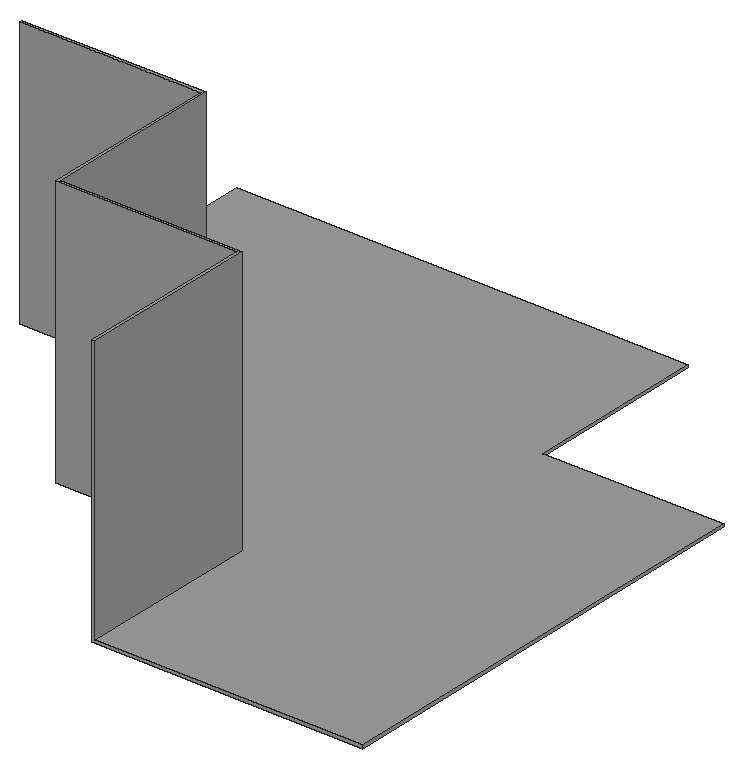
Revit family "3797f9a9-3b31-4647-82a0-012c83e85e86", category Generic Models, Revit 2012
Parameters (values of type "As Specified")
  Unit Width = 0' - 8"
  Unit Height = 0' - 6"
  Unit Depth = 0' - 4"
  URL = "http://www.hyload.com/"
  Thickness = 0' - 0 1/16"
  Specification = "http://www.arcat.com/sdspecs/htm04/07_65_00hyl.htm"
  Sales Information = "http://www.hyload.com/contact-us"
  Revision = "R1_12-2015"
  Product Properties = "http://www.hyload.com/masonry-flashing/preformed-shapes/"
  Product Data = "http://www.arcat.com/arcatcos/cos33/arc33176.html"
  Model = "Type 444"
  Manufacturer Website = "http://www.hyload.com/"
  Manufacturer Phone - Toll Free = "800-457-4056"
  Manufacturer Phone = "330-769-3546"
  Manufacturer Fax = "330-769-4153"
  Manufacturer Address = "5020 Panther Pkwy., Seville, OH 44273"
  Manufacturer = "Hyload"
  Keynote = "07 65 00"
  Flashing Material = Hyload Flashing Membrane - Grey
  Drawn By = "Robert S. Weygant / Sumex Design"
  Description = "Preformed Hyload Masonry Flashing - Type 444"
  Copyright = "(c) ARCAT, Inc, 2015"
  Construction Details = "http://www.arcat.com/details/hyload/hyload.html?coid=33176"
  Assembly Code = "B3010400"
Reference planes (in)
  plane 1 "Center (Front/Back)": y = 0
  plane 2: z = 0
  plane 3 "Center (Left/Right)": x = 0
  plane 4: y = 4
  plane 5: x = 4
  plane 6: z = 6
  plane 7: y = -4
  plane 8: x = -4
Forms (in)
  Sweep 1, solid, material "Hyload Flashing Membrane - Grey" <- "Flashing Material"
    path origin (0, 0, 0) x (1, 0, 0) y (0, 1, 0)
      loop
        line (0, -4) -> (0, 0) -> (-4, 0) -> (-4, 4) -> (-8, 4)
    profile origin (0, -2, 0) x (-1, 0, 0) y (0, 0, 1)
      loop
        line (0, 0) -> (0, 6) -> (-0.0625, 6) -> (-0.0625, 0.0625) -> (-6, 0.0625) -> (-6, 0) -> (0, 0)
Dimensions and locks (in)
  "Unit Depth": plane 1 "Center (Front/Back)" to plane 4
  "Unit Depth": plane 3 "Center (Left/Right)" to plane 5
  "Thickness": Sweep 1 sketch curve to plane 3 "Center (Left/Right)"
  "Thickness": Sweep 1 sketch curve to level
  "Unit Height": plane 6 to level
  "Unit Width": plane 8 to plane 5
  "Unit Width": plane 4 to plane 7
  aligned and locked: plane 2 to level
  aligned and locked: Sweep 1 sketch curve to plane 1 "Center (Front/Back)"
  aligned and locked: plane 3 "Center (Left/Right)" to Sweep 1 sketch curve
  aligned and locked: Sweep 1 sketch curve to level
  aligned and locked: plane 6 to Sweep 1 sketch curve
  aligned and locked: plane 7 to Sweep 1 sketch curve
  aligned and locked: plane 4 to Sweep 1 sketch curve
  aligned and locked: plane 8 to Sweep 1 sketch curve
Automatic sketch dimensions
  Sweep 1 sketch curve to profile plane = 0' - 0"
  Sweep 1 sketch curve to Sweep 1 sketch curve = 0' - 5 15/16"
  Sweep 1 sketch curve to Sweep 1 sketch curve = 0' - 4"
